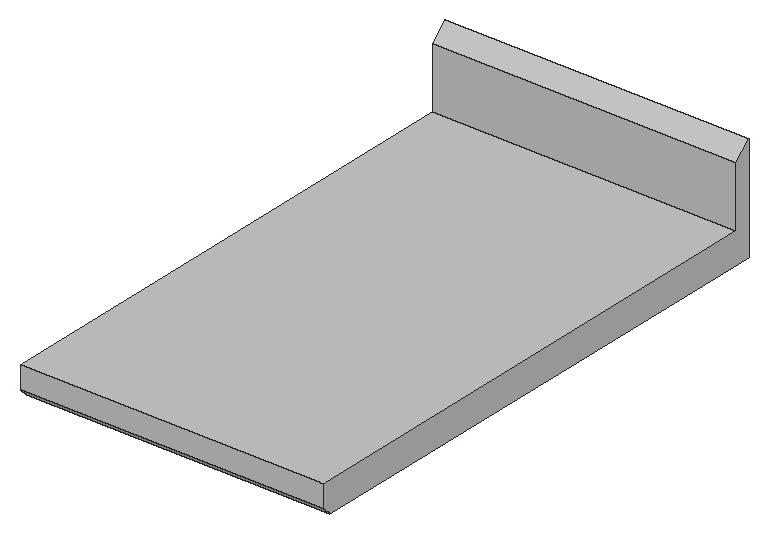
Revit family "QF_ELECTROLUXPROFESSIONAL_121129_TPLA4A", category Attrezzature speciali, Revit 2020
Family settings
  Quota connettore circolare = Usa diametro
  Tipo di parte = Normale
  Basato su piano di lavoro = No
  Sempre verticale = Sì
  Taglio con vuoti quando caricato = No
  Condiviso = No
  Punto di calcolo locali = No
Parameters (values of type "Standard")
  Weight = 13.00 kg
  Watts = 0 W
  Volts = 0 V
  URL Manufacturer = "https://www.electroluxprofessional.com/"
  URL = "https://www.electroluxprofessional.com/"
  Steam Supply Size = 0 mm
  Steam Supply Minimum Pressure = 0.0 Pa
  Steam Supply Maximum Pressure = 0.0 Pa
  Steam Consumption per Hour = 0
  Refrigeration Suction Line Size = 0.0 mm
  Refrigeration Liquid Line Size = 0.0 mm
  Refrigerant Compressor Remote = yes
  Prospetto di default = 0.0 mm
  Phase = 0
  Modello = "TPLA4A"
  Produttore = "Electrolux Professional"
  Length Actual = 400.0 mm  # constant formula
  Item Number = "121129"
  Hot Water Size = 0 mm
  Height Actual = 140.0 mm  # constant formula
  HP = "0 HP"
  Gas Size = 0 mm
  Gas KW = 0
  Gas Input Pressure = 0 W
  Direct Waste Size = 0 mm
  Descrizione = "WORK TOP WITH UPSTAND 400MM"
  Depth Actual = 700.0 mm  # constant formula
  Cycle = 0 Hz
  Condensate Return Size = 0 mm
  Compressed Air Volume = 0.0 L/s
  Compressed Air Size = 0 mm
  Compressed Air Pressure = 0.0 Pa
  Cold Water Size = 0 mm
  Accessory = yes
Reference planes
  plane 1 "Center (Front/Back)": y = 0
  plane 2: z = 0
  plane 3 "Center (Left/Right)": x = 300
  plane 4 "LEFT": x = 100
  plane 5 "RIGHT": x = 500
  plane 6 "BACK": y = 350
  plane 7 "FRONT": y = -350
  plane 8 "TOP": z = 1000
  plane 9: z = 900
  plane 10: z = 860
Forms (mm)
  Extrusion 1, solid, material "QF_Finishes_Stainless Steel"
    sketch origin (300, 0, 0) x (0, 1, 0) y (0, 0, 1)
      loop
        line (350, 1000) -> (330, 980) -> (330, 900) -> (-350, 900) -> (-350, 870) -> (-340, 860) -> (350, 860) -> (350, 1000)
    from 200 to -200
Lines and regions (mm)
  symbolic lines
    curve 1: line (500, 350, 1000) -> (100, 350, 1000)
    curve 2: line (100, 350, 1000) -> (100, -350, 1000)
    curve 3: line (100, -350, 1000) -> (500, -350, 1000)
    curve 4: line (500, -350, 1000) -> (500, 350, 1000)
    curve 5: line (100, 330, 1000) -> (500, 330, 1000)
Dimensions and locks
  plane 4 "LEFT" to plane 5 "RIGHT" = 400.0 mm
  equal spacing: plane 4 "LEFT", plane 3 "Center (Left/Right)", plane 5 "RIGHT"
  plane 6 "BACK" to plane 7 "FRONT" = 700.0 mm
  equal spacing: plane 6 "BACK", plane 1 "Center (Front/Back)", plane 7 "FRONT"
  locked: plane 8 "TOP" to plane 9 at 100
  locked: plane 6 "BACK" to Extrusion 1 sketch curve at 20
  plane 10 to level = 860.0 mm
  plane 8 "TOP" to plane 10 = 140.0 mm
  aligned and locked: level to plane 2
  aligned and locked: Extrusion 1 to plane 4 "LEFT"
  aligned and locked: plane 5 "RIGHT" to Extrusion 1
  aligned and locked: curve 2 to plane 4 "LEFT"
  aligned and locked: Extrusion 1 sketch curve to plane 9
  aligned and locked: Extrusion 1 sketch curve to plane 6 "BACK"
  aligned and locked: plane 7 "FRONT" to Extrusion 1 sketch curve
  aligned and locked: plane 10 to Extrusion 1 sketch curve
Automatic sketch dimensions
  curve 3 to plane 7 "FRONT" = 0.0 mm
  curve 4 to plane 5 "RIGHT" = 0.0 mm
  curve 4 to plane 6 "BACK" = 0.0 mm
  curve 5 to plane 6 "BACK" = 20.0 mm
  Extrusion 1 sketch curve to plane 8 "TOP" = 0.0 mm
  Extrusion 1 sketch curve to plane 8 "TOP" = 20.0 mm
  plane 7 "FRONT" to Extrusion 1 sketch curve = 10.0 mm
  level to Extrusion 1 sketch curve = 870.0 mm
